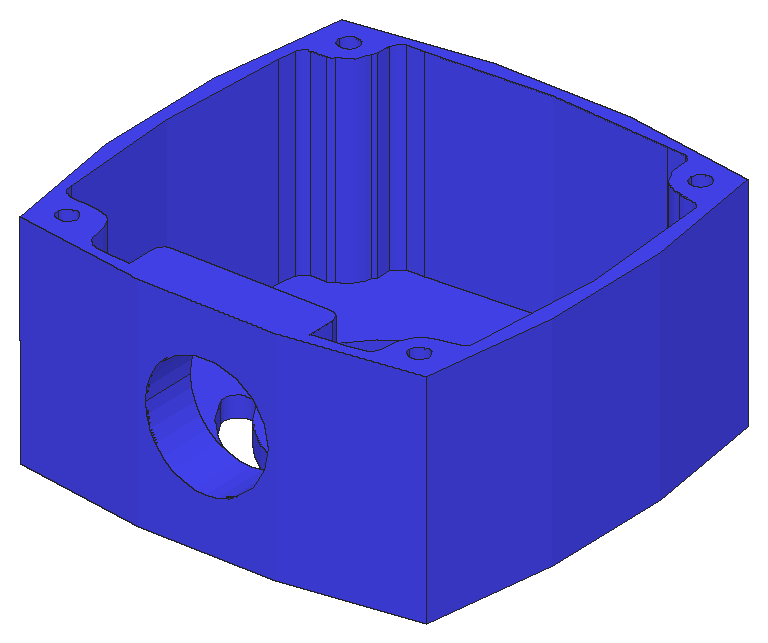
Revit family "DA-JB2000-IDIS", category Security Devices, Revit 2015
Parameters
  Default Elevation = 1219.2 mm
Reference planes
  plane 1 "중심(앞/뒤)": y = 0
  plane 2: z = 0
  plane 3 "중심(왼쪽/오른쪽)": x = 0
  plane 4: z = 1
  plane 5: z = 4
  plane 6: z = 44
Forms (mm)
  Extrusion 1, solid, material "Metal - White - IDIS"
    sketch origin (0, 0, 0) x (1, 0, 0) y (0, 1, 0)
      loop
        arc (-40.419, 40.01) -> (-44.929, 0.036) -> (-40.419, -39.937) r 179.397
        arc (-40.419, -39.937) -> (0, -44.419) -> (40.419, -39.937) r 184.5
        arc (40.419, -39.937) -> (44.838, 0.036) -> (40.419, 40.01) r 182.996
        arc (40.419, 40.01) -> (0, 44.492) -> (-40.419, 40.01) r 184.5
    from 0 to 44
  Extrusion 2, void
    sketch origin (4267.2, -125, 4) x (1, 0, 0) y (0, -1, 0)
      loop
        line (-4307.543, -149.034) -> (-4307.041, -152.643)
        arc (-4307.041, -152.643) -> (-4306.54, -153.759) -> (-4305.517, -154.43) r 2.182
        line (-4305.517, -154.43) -> (-4302.156, -154.43) -> (-4301.128, -155.109)
        arc (-4301.128, -155.109) -> (-4298.655, -156.697) -> (-4297.321, -159.315) r 5.62
        line (-4297.321, -159.315) -> (-4296.762, -160.426) -> (-4296.762, -163.042)
        arc (-4296.762, -163.042) -> (-4296.009, -164.242) -> (-4294.858, -165.066) r 3.66
        line (-4294.858, -165.066) -> (-4291.25, -165.218)
        arc (-4291.25, -165.218) -> (-4267.172, -166.79) -> (-4243.095, -165.207) r 184.5
        line (-4243.095, -165.207) -> (-4239.44, -164.958) -> (-4238.662, -164.632) -> (-4237.768, -163.738)
        spline (-4237.768, -163.738) -> (-4237.765, -162.838) -> (-4237.754, -162.066) -> (-4237.734, -161.407) -> (-4237.702, -160.85) -> (-4237.656, -160.381) -> (-4237.596, -159.989) -> (-4237.518, -159.66) -> (-4237.421, -159.382) -> (-4237.303, -159.142) -> (-4237.163, -158.928) -> (-4236.997, -158.726) -> (-4236.805, -158.524)
        arc (-4236.805, -158.524) -> (-4235.255, -156.097) -> (-4232.613, -154.951) r 4.93
        spline (-4232.613, -154.951) -> (-4232.027, -154.759) -> (-4231.513, -154.629) -> (-4231.056, -154.544) -> (-4230.641, -154.488) -> (-4230.257, -154.447) -> (-4229.887, -154.404) -> (-4229.52, -154.344) -> (-4229.147, -154.246) -> (-4228.76, -154.092) -> (-4228.35, -153.864) -> (-4227.911, -153.541) -> (-4227.433, -153.105)
        arc (-4227.433, -153.105) -> (-4225.352, -125.019) -> (-4227.449, -96.935) r 189.868
        spline (-4227.449, -96.935) -> (-4229.998, -95.717) -> (-4232.741, -95.253) -> (-4234.595, -94.537) -> (-4235.722, -93.472) -> (-4236.54, -92.163) -> (-4237.161, -90.658) -> (-4237.518, -88.97) -> (-4237.735, -87.277) -> (-4238.191, -85.969) -> (-4239.513, -85.219) -> (-4242.822, -84.715) -> (-4249.301, -84.085)
        line (-4249.301, -84.085) -> (-4249.301, -89.777)
        arc (-4249.301, -89.777) -> (-4249.929, -91.294) -> (-4251.446, -91.922) r 2.145
        line (-4251.446, -91.922) -> (-4283.046, -91.922)
        arc (-4283.046, -91.922) -> (-4284.487, -91.325) -> (-4285.083, -89.884) r 2.038
        line (-4285.083, -89.884) -> (-4285.083, -84.183)
        spline (-4285.083, -84.183) -> (-4290.772, -84.43) -> (-4293.507, -85.314) -> (-4294.527, -86.737) -> (-4294.968, -88.572) -> (-4295.382, -90.532) -> (-4296.128, -92.277) -> (-4297.481, -93.526) -> (-4299.375, -94.281) -> (-4301.654, -94.613) -> (-4304.137, -94.645) -> (-4306.336, -95.161) -> (-4307.543, -97.41)
        arc (-4307.543, -97.41) -> (-4309.087, -123.222) -> (-4307.543, -149.034) r 216.566
    from 0 to -40
  Extrusion 3, void
    sketch origin (4267.2, -215, 44) x (1, 0, 0) y (0, -1, 0)
      loop
        circle (-4302.2, -250) r 2
      loop
        circle (-4232.2, -250) r 2
      loop
        circle (-4232.2, -180) r 2
      loop
        circle (-4302.2, -180) r 2
    from 0 to 44
  Extrusion 4, void
    sketch origin (4267.2, -125, 4) x (1, 0, 0) y (0, -1, 0)
      loop
        circle (-4267.2, -125) r 15.162
      loop
        circle (-4299.2, -141) r 2
      loop
        circle (-4299.2, -109.076) r 2
      loop
        circle (-4235.2, -109.076) r 2
      loop
        circle (-4235.2, -141) r 2
      loop
        arc (-4291.019, -136.147) -> (-4267.2, -151.298) -> (-4243.381, -136.147) r 26.298
        arc (-4243.381, -136.147) -> (-4244.719, -132.139) -> (-4248.653, -133.68) r 2.914
        arc (-4248.653, -133.68) -> (-4267.2, -145.478) -> (-4285.747, -133.68) r 20.478
        arc (-4285.747, -133.68) -> (-4289.7, -132.1) -> (-4291.019, -136.147) r 2.916
      loop
        arc (-4285.747, -116.32) -> (-4267.2, -104.522) -> (-4248.653, -116.32) r 20.478
        arc (-4248.653, -116.32) -> (-4244.82, -118.104) -> (-4243.227, -114.188) r 2.918
        arc (-4243.227, -114.188) -> (-4267.016, -98.703) -> (-4291.019, -113.853) r 26.298
        arc (-4291.019, -113.853) -> (-4289.79, -118.095) -> (-4285.747, -116.32) r 2.936
    from 0 to 4
  Extrusion 5, void
    sketch origin (-15.789, -33.078, 4) x (-1, 0, 0) y (0, 0, -1)
      loop
        circle (-15.789, -18.925) r 12.188
    from 0 to 15
Cuts and joins
  Extrusion 2, Extrusion 3, Extrusion 4, Extrusion 5 cuts Extrusion 1
Dimensions and locks
  aligned and locked: level to plane 2
  aligned and locked: Extrusion 1 to level
